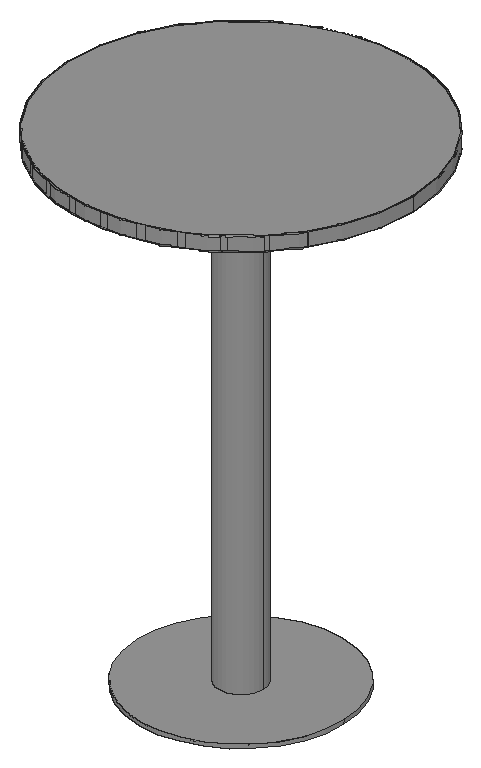
Revit family "Inklud 30in Round 42H Pedestal Base Table", category Furniture, Revit 2018
Family settings
  OmniClass Number = 23.40.20.00
  OmniClass Title = General Furniture and Specialties
  Work Plane-Based = No
  Always vertical = Yes
  Cut with Voids When Loaded = No
  Shared = No
  Room Calculation Point = No
Parameters
  Surface = Inklud 30" Round 42"H Pedestal Table Surface
  Edgeband = Inklud 30" Round 42"H Pedestal Table Edgeband
Reference planes (in)
  plane 1 "Center Front/Back": y = 0
  plane 2: z = 0
  plane 3 "Center Left/Right": x = 0
Forms (in)
  Extrusion 1, solid, material "Inklud Table Frame Platinum"
    sketch origin (0, 0, 0) x (1, 0, 0) y (0, 1, 0)
      loop
        circle (0, 0) r 2
    from 0.31496 to 41.87811
  Extrusion 2, solid, material "Inklud Table Frame Platinum"
    sketch origin (0, 0, 0) x (1, 0, 0) y (0, 1, 0)
      loop
        circle (0, 0) r 9
    from 0 to 0.31496
  Extrusion 3, solid, material "Inklud Table Frame Platinum"
    sketch origin (0, 0, 14.25) x (1, 0, 0) y (0, 1, 0)
      loop
        line (-6, 6) -> (-6, -6) -> (6, -6) -> (6, 6) -> (-6, 6)
    from 27.62811 to 27.86433
Dimensions and locks (in)
  aligned and locked: level to plane 2
Nested families (in)
  nested 1: "Inklud 30in Round Tabletop" at (0, 0, 14.45778), type "Inklud 30in Round Tabletop"
Definition of nested family "Inklud 30in Round Tabletop"
  Parameters (values of type "Inklud 30in Round Tabletop")
    Surface = none
    Edgeband = none
  Reference planes (in)
    plane 1 "Center (Front/Back)": y = 0
    plane 2: z = 0
    plane 3 "Center (Left/Right)": x = 0
  Forms (in)
    Extrusion 1, solid, material <- "Surface"
      sketch origin (0, 0, 0) x (1, 0, 0) y (0, 1, 0)
        loop
          circle (0, 0) r 15
      from 27.65655 to 28.90655
    Sweep 2, solid, material <- "Edgeband"
      path origin (0, 0, 0) x (1, 0, 0) y (0, 1, 0)
        loop
          circle (0, 0) r 15
      profile origin (0, 15, 0) x (0, -1, 0) y (0, 0, 1)
        loop
          arc (0, 28.90655) -> (-0.03536, 28.8919) -> (-0.05, 28.85655) r 0.05
          line (-0.05, 28.85655) -> (-0.05, 27.70655)
          arc (-0.05, 27.70655) -> (-0.03536, 27.67119) -> (0, 27.65655) r 0.05
          line (0, 27.65655) -> (0, 28.90655)
  Dimensions and locks (in)
    aligned and locked: plane 2 to level
